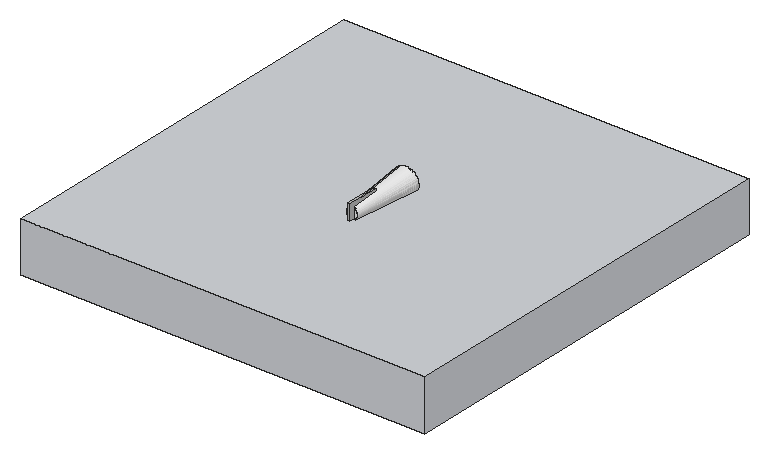
Revit family
Parameters (values of type "120 V")
  Width = 0' - 5 225/256"
  Web Link to IES = "http://www.oxygenlighting.com/index.cfm?event=general.downloadFile&theFile=2-579-1xx.ies"
  Wattage = 6.59746 W
  built-in parameter 1150110 = 1 (stored number, unit not read)
  Voltage = 120 V
  URL = "http://www.oxygenlighting.com/"
  built-in parameter 1114217 = 1 (stored number, unit not read)
  Tilt Angle = -90.00°
  built-in parameter 1150109 = 1 (stored number, unit not read)
  built-in parameter 1150134 = (empty or 0)
  built-in parameter 1150113 = 1 (stored number, unit not read)
  Product Documentation Link = "http://www.oxygenlighting.com/ftp/cutsheets/2-579-xxx.pdf"
  Power Factor = 0.99
  Photometric Web File = "2-579 series.IES"
  Number of Poles = 1
  built-in parameter 1150142 = "IESNA:LM-63-2002\r\n[ISSUEDATE]04/18/06\r\n[TEST]ITL57396\r\n[TESTLAB]INDEPENDENT TESTING LABORATORIES, INC.\r\n[MANUFAC]OXYGEN LIGHTING\r\n[LUMCAT]2-579-124\r\n[LUMINAIRE]FABRICATED WHITE PAINTED BALLAST/SOCKET MOUNTING PLATE,\r\n[MORE]TRANSLUCENT WHITE GLASS DIFFUSER WITH FABRICATED SEMI-SPECULAR\r\n[MORE]METAL DIFFUSER SUPPORT ARM, TRANSLUCENT WHITE ACRYLIC TOP\r\n[MORE]AND BOTTOM CAPS. BALLAST IS EXPOSED AND CENTERED AT TOP OF\r\n[MORE]MOUNTING PLATE.\r\n[LAMP]ONE 24-WATT SINGLE ENDED TWIN TUBE FLUORESCENT, SYLVANIA FT24DL/841,\r\n[MORE]TILTED 4-DEGREES FROM VERTICAL BASE-DOWN POSITION.\r\n[BALLAST]ANTRON CSD-UV18P\r\n[_MOUNTING]WALL\r\n[_PAINTREFL]74.5 %\r\n[OTHER]TOTAL INPUT WATTS=  20.1 AT 120.0 VOLTS\r\nTILT=NONE\r\n1 1800 1 73 9 1 1 0.48958 0.31771 1.34896\r\n1 1 20.1\r\n0 2.5 5 7.5 10 12.5 15 17.5 20 22.5 25 27.5 30 32.5 35 37.5 40 42.5 45 47.5 50\r\n 52.5 55 57.5 60 62.5 65 67.5 70 72.5 75 77.5 80 82.5 85 87.5 90 92.5 95 97.5\r\n 100 102.5 105 107.5 110 112.5 115 117.5 120 122.5 125 127.5 130 132.5 135\r\n 137.5 140 142.5 145 147.5 150 152.5 155 157.5 160 162.5 165 167.5 170 172.5\r\n 175 177.5 180\r\n0 22.5 45 67.5 90 112.5 135 157.5 180\r\n18 28 33 39 45 50 56 62 68 74 80 86 92 98 103 109 114 119 124 128 133 137 141\r\n 144 148 151 153 155 157 159 160 161 162 162 162 161 161 160 159 157 155 153\r\n 150 147 144 141 137 133 129 125 120 114 110 104 99 93 88 82 76 70 64 58 52 46\r\n 41 35 30 24 19 15 14 14 14\r\n18 26 31 36 42 48 54 59 65 71 77 82 88 94 99 105 110 115 119 124 128 132 136\r\n 139 142 145 148 150 152 154 155 156 157 157 157 156 156 154 153 151 149 147\r\n 144 141 138 135 131 127 123 118 114 109 104 99 94 88 83 77 71 65 60 54 48 42\r\n 37 32 26 21 17 14 14 14 14\r\n18 25 29 34 39 44 50 55 60 65 70 75 80 86 91 95 100 104 109 112 116 120 123 127\r\n 129 132 134 136 138 140 141 141 142 142 142 141 141 141 140 138 137 135 132\r\n 130 127 124 121 118 114 110 106 102 97 93 88 83 79 73 68 63 57 53 47 42 37 33\r\n 28 23 18 15 14 14 14\r\n18 22 25 28 33 37 41 46 50 55 59 64 68 72 77 81 85 89 92 96 99 102 105 108 110\r\n 113 115 116 118 119 120 121 121 121 121 121 121 120 119 118 116 115 113 111\r\n 108 106 103 100 97 93 90 86 82 78 74 70 66 62 58 53 49 45 40 36 32 28 24 20 15\r\n 14 14 14 14\r\n18 19 21 24 27 31 34 38 41 45 48 51 55 58 61 64 67 70 73 76 78 80 82 85 87 88\r\n 90 91 92 93 93 93 94 94 93 93 93 93 93 92 91 90 89 87 86 84 82 80 77 75 72 69\r\n 66 64 60 58 54 51 48 44 41 38 35 32 29 26 23 20 17 14 14 14 14\r\n18 16 16 18 20 23 25 28 30 33 35 38 40 43 45 47 50 52 54 56 58 59 61 62 64 65\r\n 66 67 68 68 69 69 70 70 69 69 70 69 69 69 68 67 66 65 64 63 61 60 58 56 55 53\r\n 51 49 47 44 42 40 38 36 34 31 29 27 25 23 21 18 16 15 15 14 14\r\n18 13 13 13 15 17 19 21 23 25 27 28 30 32 34 35 37 39 40 41 43 44 45 46 47 48\r\n 49 50 50 51 51 51 52 52 52 52 52 53 53 53 52 52 52 51 51 50 49 48 48 46 46 44\r\n 43 42 41 40 38 37 36 35 33 32 31 29 27 25 22 20 18 16 16 15 14\r\n18 12 9 10 11 12 13 15 17 19 21 23 25 27 29 31 33 34 36 37 39 40 41 42 43 44 45\r\n 46 47 48 48 49 49 50 50 50 51 53 52 53 52 52 52 51 51 50 49 49 48 47 46 45 44\r\n 43 42 40 39 37 36 34 32 31 29 27 25 23 21 19 18 17 16 14 14\r\n18 10 9 9 10 11 12 14 16 18 20 22 24 26 28 30 32 34 36 38 39 41 42 43 45 46 47\r\n 47 48 48 48 48 48 48 48 47 47 47 46 47 47 47 47 47 47 47 47 48 47 47 46 45 44\r\n 43 42 41 40 38 37 35 33 32 30 28 26 25 23 21 20 18 17 15 14\r\n\u001a"
  Model = "2-579-xx"
  Manufacturer = "Oxygen Lighting"
  built-in parameter 1150105 = 77.986 (stored number, unit not read)
  Lumens = 980 lm
  built-in parameter 1150115 = 1 (stored number, unit not read)
  built-in parameter 1150137 = (empty or 0)
  built-in parameter 1150139 = (empty or 0)
  Length = 0' - 3 241/256"
  built-in parameter 1150112 = 1 (stored number, unit not read)
  built-in parameter 1150114 = 1 (stored number, unit not read)
  Lamp = "1 x FT24W/2G11"
  Junction Box = "4\" Octogonal"
  built-in parameter 1150132 = 2
  built-in parameter 1150102 = (empty or 0)
  built-in parameter 1150107 = 3000 (stored number, unit not read)
  built-in parameter 1150138 = (empty or 0)
  built-in parameter 1150106 = 0.77986 (stored number, unit not read)
  Height = 1' - 5"
  Emit from Rectangle Width = 0' - 5 3/4"
  Emit from Rectangle Length = 1' - 6"
  Emit Shape Visible in Rendering = no
  built-in parameter 1150104 = 13.8 (stored number, unit not read)
  Dimming Lamp Color Temperature Shift = (empty or 0)
  Diffuser Material = Glass-Oxygen_Lighting-1-Opal_White
  Description = "Glass sconce with semi-conical diffuser - T5 twin tube fluorescent lamping"
  Default Elevation = 4' - 0"
  Color Filter = 16777215
  Ballust Manufacturer = "Antron"
  built-in parameter 1114218 = 1 (stored number, unit not read)
  built-in parameter 1150133 = 10 (stored number, unit not read)
  Assembly Code = "D5020210"
  Apparent Load = 20.1 VA
  ADA Compliant = yes
Types (2): name | Voltage
  120 V | 120 V
  277 V | 277 V
Reference planes (in)
  plane 1 "Center (Front/Back)": y = 0
  plane 2: z = 0
  plane 3 "Center (Left/Right)": x = 0
  plane 4: y = 6.5
  plane 5: y = 4.25
  plane 6: y = -9.5
  plane 7: y = -9.375
  plane 8: y = 6.375
  plane 9: y = -10.5
  plane 10: z = 3.9375
  plane 11: z = 3.55897
  plane 12: y = -3
  plane 13: through (0, 6.5, 3.9375) normal (0, -0.0919, 0.9958)
  plane 14: through (0, 6.51339, 3.79244) normal (0, -0.0919, 0.9958)
  plane 15: x = -0.3125
  plane 16: x = 0.3125
  plane 17 "left": x = -2.9375
  plane 18 "right": x = 2.9375
  plane 19: through (-2.9375, 6.5, 48) normal (0.9953, 0.0971, 0)
  plane 20: through (2.9375, 6.5, 48) normal (0.9953, -0.0971, 0)
Forms (in)
  Extrusion 1, solid
    sketch origin (0, 0, 0) x (1, 0, 0) y (0, 1, 0)
      loop
        line (-48, 48) -> (-48, -48) -> (48, -48) -> (48, 48) -> (-48, 48)
    from 0 to -12
  Blend 2, solid, material "Glass-Oxygen_Lighting-1-Opal_White" <- "Diffuser Material", detail levels medium+fine
    base sketch origin (0, 0, 0) x (1, 0, 0) y (0, 0, 1)
      loop
        line (-0.87531, 0) -> (-0.66154, 0)
        arc (-0.66154, 0) -> (0, 2.31411) -> (0.66154, 0) r 1.25161
        line (0.66154, 0) -> (0.87531, 0)
        arc (0.87531, 0) -> (0, 2.43911) -> (-0.87531, 0) r 1.37661
    top sketch origin (0, 0, 0) x (1, 0, 0) y (0, 0, 1)
      loop
        arc (2.73861, 0) -> (0, 4) -> (-2.73861, 0) r 2.9375
        line (-2.73861, 0) -> (-2.60408, 0)
        arc (-2.60408, 0) -> (0, 3.875) -> (2.60408, 0) r 2.8125
        line (2.60408, 0) -> (2.73861, 0)
    from 9.5 to -6.5
  Extrusion 3, solid, material "Glass-Oxygen_Lighting-1-Opal_White" <- "Diffuser Material", detail levels medium+fine
    sketch origin (0, 0, 0) x (1, 0, 0) y (0, 0, 1)
      loop
        line (-0.66154, 0) -> (0.66154, 0)
        arc (0.66154, 0) -> (0, 2.31411) -> (-0.66154, 0) r 1.25161
    from 9.375 to 9.5
  Extrusion 4, solid, material "Glass-Oxygen_Lighting-1-Opal_White" <- "Diffuser Material", detail levels medium+fine
    sketch origin (0, 0, 0) x (1, 0, 0) y (0, 0, 1)
      loop
        arc (2.60408, 0) -> (0, 3.875) -> (-2.60408, 0) r 2.8125
        line (-2.60408, 0) -> (2.60408, 0)
    from -6.375 to -6.5
  Extrusion 5, solid, material "Metal-Oxygen_Lighting-24-Satin_Nickel", detail levels medium+fine
    sketch origin (0, 0, 0) x (0, 1, 0) y (0, 0, 1)
      loop
        line (-3, 3.06048) -> (-3, 3.55897) -> (-10.5, 3.55897) -> (-10.5, 0) -> (-9.5, 0) -> (-9.5, 2.46041) -> (-3, 3.06048)
    from -0.3125 to 0.3125
  Extrusion 6, solid, material "Metal-Oxygen_Lighting-24-Satin_Nickel", detail levels coarse
    sketch origin (0, 0, 0) x (1, 0, 0) y (0, 1, 0)
      loop
        line (-2.9375, 6.5) -> (-2.9375, -10.5) -> (2.9375, -10.5) -> (2.9375, 6.5) -> (-2.9375, 6.5)
    from 0 to 3.9375
Lines and regions (in)
  Masking region 1
    outline origin (0, 0, 0) x (1, 0, 0) y (0, 0, 1)
      loop
        arc (2.73861, 0) -> (0, 4) -> (-2.73861, 0) r 2.9375
        line (-2.73861, 0) -> (2.73861, 0)
  Masking region 2
    outline origin (0, 0, 0) x (1, 0, 0) y (0, 1, 0)
      loop
        line (-2.9375, 6.5) -> (-1.37661, -9.5) -> (-0.3125, -9.5) -> (-0.3125, -10.5) -> (0.3125, -10.5) -> (0.3125, -9.5) -> (1.37661, -9.5) -> (2.9375, 6.5) -> (-2.9375, 6.5)
  Masking region 3
    outline origin (0, 0, 0) x (0, 1, 0) y (0, 0, 1)
      loop
        line (6.5, 0) -> (6.5, 3.9375) -> (-3, 3.06048) -> (-3, 3.55897) -> (-10.5, 3.55897) -> (-10.5, 0) -> (6.5, 0)
  Masking region 4
    outline origin (-2.9375, 0, 0) x (0, 1, 0) y (0, 0, 1)
      loop
        line (6.5, 0) -> (6.5, 3.9375) -> (-3, 3.06048) -> (-3, 3.55897) -> (-10.5, 3.55897) -> (-10.5, 0) -> (6.5, 0)
  reference lines
    curve 1: arc (2.73861, 0, 0) -> (0, 0, 4) -> (-2.73861, 0, 0) r 2.9375
    curve 2: arc (-0.66154, 0, 0) -> (0, 0, 2.31411) -> (0.66154, 0, 0) r 1.25161
    curve 3: arc (-0.72761, 0, -0.10611) -> (0, 0, 2.43911) -> (0.72761, 0, -0.10611) r 1.37661
    curve 4: arc (2.62208, 0, 0.04521) -> (0, 0, 3.875) -> (-2.62208, 0, 0.04521) r 2.8125
  symbolic lines
    curve 5: line (-0.3125, -3, 0) -> (0.3125, -3, 0)
    curve 6: line (0.3125, -3, 0) -> (0.3125, -10.5, 0)
    curve 7: line (-0.3125, -3, 0) -> (-0.3125, -10.5, 0)
    curve 8: line (-2.9375, 6.5, 3.9375) -> (-2.9375, -9.5, 2.46041)
    curve 9: line (-2.9375, -9.5, 0) -> (-2.9375, -9.5, 2.46041)
Dimensions and locks (in)
  plane 17 "left" to plane 15 to plane 3 "Center (Left/Right)" to plane 16 to plane 18 "right" = 0' - 2 5/8" locked, 0' - 0 5/16" locked, 0' - 0 5/16" locked, 0' - 2 5/8" locked
  locked: plane 1 "Center (Front/Back)" to plane 12 at 3
  locked: plane 5 to plane 12 at 7.25
  plane 4 to plane 8 to plane 1 "Center (Front/Back)" to plane 7 to plane 6 to plane 9 = 0' - 0 1/8" locked, 0' - 6 3/8" locked, 0' - 9 3/8" locked, 0' - 0 1/8" locked, 0' - 1" locked
  plane 10 to plane 11 to plane 2 = 0' - 0.37853" locked, 0' - 3.55897" locked
  aligned and locked: plane 2 to Extrusion 1
  aligned and locked: level to Extrusion 1
  aligned: plane 3 "Center (Left/Right)" to imposter light
  aligned: plane 1 "Center (Front/Back)" to imposter light
  aligned and locked: plane 1 "Center (Front/Back)" to imposter light
  aligned and locked: plane 3 "Center (Left/Right)" to imposter light
  aligned and locked: Blend 2 sketch curve to curve 3
  aligned and locked: Blend 2 sketch curve to curve 2
  aligned and locked: Blend 2 sketch curve to plane 2  (x2)
  aligned and locked: Blend 2 sketch curve to curve 1
  aligned and locked: Blend 2 sketch curve to curve 4
  aligned and locked: Extrusion 4 sketch curve to curve 4
  aligned and locked: Extrusion 4 sketch curve to plane 2
  aligned and locked: plane 12 to Extrusion 5 sketch curve
  aligned and locked: Extrusion 5 sketch curve to plane 11
  aligned and locked: plane 9 to Extrusion 5 sketch curve
  aligned and locked: plane 6 to Extrusion 5 sketch curve
  aligned and locked: plane 13 to Extrusion 5 sketch curve
  aligned and locked: plane 2 to Extrusion 5 sketch curve
  aligned and locked: Extrusion 6 sketch curve to Blend 2
  aligned and locked: plane 9 to Extrusion 6 sketch curve
  aligned and locked: Extrusion 6 sketch curve to plane 18 "right"
  aligned and locked: plane 17 "left" to Extrusion 6 sketch curve
  aligned and locked: plane 10 to Extrusion 6
  aligned and locked: Masking region 1 sketch curve to curve 1
  aligned and locked: Masking region 1 sketch curve to plane 2
  aligned and locked: Masking region 2 sketch curve to plane 4
  aligned and locked: Masking region 2 sketch curve to plane 19
  aligned and locked: plane 20 to Masking region 2 sketch curve
  aligned and locked: Masking region 2 sketch curve to plane 6
  aligned and locked: Masking region 2 sketch curve to plane 16
  aligned and locked: Masking region 2 sketch curve to plane 15
  aligned and locked: Masking region 2 sketch curve to plane 9
  aligned and locked: curve 5 to plane 12
  aligned and locked: curve 6 to plane 16
  aligned and locked: curve 7 to plane 15
  aligned and locked: plane 9 to curve 6
  aligned and locked: plane 9 to curve 7
  aligned and locked: plane 16 to curve 5
  aligned and locked: plane 15 to curve 5
  aligned and locked: plane 4 to Masking region 3 sketch curve
  aligned and locked: plane 13 to Masking region 3 sketch curve
  aligned and locked: plane 12 to Masking region 3 sketch curve
  aligned and locked: Masking region 3 sketch curve to plane 11
  aligned and locked: plane 9 to Masking region 3 sketch curve
  aligned and locked: plane 2 to Masking region 3 sketch curve
Connectors (in)
  electrical at (0, 0, 0), driven by "Apparent Load", driven by "Voltage", driven by "Power Factor", driven by "Number of Poles"
    settings: on Extrusion 1, index 1
